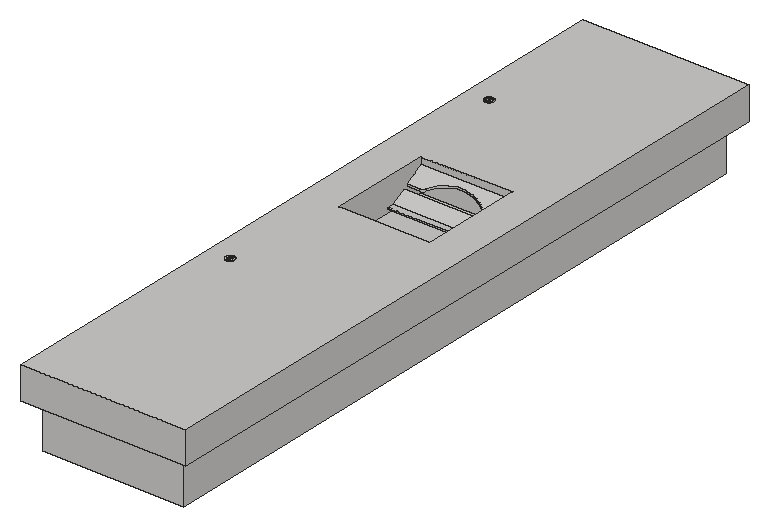
Revit family "Paper_Towel_Dispenser_Waste_Receptacle-Bobrick-TrimLineSeries-B-38032", category Specialty Equipment, host Face, Revit 2019
Family settings
  Host = Face
  Round Connector Dimension = Use Diameter
  Part Type = Normal
  OmniClass Number = 23.40.20.21.17
  OmniClass Title = Paper Towel Dispensers, Disposal Units
  Cut with Voids When Loaded = No
  Shared = Yes
  Room Calculation Point = No
Parameters (values of type "B-38032")
  Width = 13"
  Warranty Documentation Link = "https://www.bobrick.com/wp-content/uploads/product_warranties-6.pdf"
  URL = "http://www.bobrick.com/"
  Type Comments = ""
  Revised Date = "11/03/2020"  # constant formula
  Product Page URL = "https://www.bobrick.com/products/washroom-accessories/washroom-accessories-catalog/product/b-38032/"
  Product Documentation Link = "https://www.bobrick.com/wp-content/uploads/B-38032_td.pdf"
  Model = "B-38032"
  Material = "Stainless Steel-Bobrick-Satin"
  Manufacturer = "Bobrick"
  Length = 2 9/16"
  Height = 55 1/8"
  Finish = Stainless Steel-Bobrick-Satin
  Description = "TrimLineSeries Paper Towel Dispenser And Waste Receptacle"
  Default Elevation = 48"
  Creation Date = "04/17/2018"  # constant formula
  Assembly Code = "C1030200"
Reference planes (in)
  plane 1 "Center (Front/Back)": y = 0
  plane 2: z = 0
  plane 3 "Center (Left/Right)": x = 0
  plane 4: x = -6.5
  plane 5: y = 27.5625
  plane 6: y = -27.5625
  plane 7: x = 6.5
  plane 8: x = 5.53125
  plane 9: x = -5.53125
  plane 10: y = 26.59375
  plane 11: y = -26.59375
  plane 12: z = -3.625
  plane 13: z = 2.5625
  plane 14: y = 6.6875
  plane 15: x = -4.74887
  plane 16: y = -41.3125
  plane 17: y = 16.19479
  plane 18: y = -9.19479
Forms (in)
  Extrusion 1, solid, material "Stainless Steel-Bobrick-Satin" <- "Finish"
    sketch origin (0, 0, 0) x (1, 0, 0) y (0, 1, 0)
      loop
        line (-5.53125, 26.59375) -> (-5.53125, -26.59375) -> (5.53125, -26.59375) -> (5.53125, 26.59375) -> (-5.53125, 26.59375)
    from -3.625 to 0
  Extrusion 2, solid, material "Stainless Steel-Bobrick-Satin" <- "Finish"
    sketch origin (0, 0, 0) x (1, 0, 0) y (0, 1, 0)
      loop
        line (-6.5, 27.5625) -> (-6.5, -27.5625) -> (6.5, -27.5625) -> (6.5, 27.5625) -> (-6.5, 27.5625)
      loop
        line (-3.58641, 0) -> (3.58641, 0) -> (3.58641, 8.07155) -> (-3.58641, 8.07155) -> (-3.58641, 0)
    from 0 to 2.5625
  Extrusion 3, solid, material "Stainless Steel-Bobrick-Satin" <- "Finish"
    sketch origin (0, 0, 0) x (0, 1, 0) y (0, 0, 1)
      loop
        line (8.07155, 2.02646) -> (5.31939, 0.4375) -> (4.75, 0.4375) -> (4.75, 0.35217) -> (4.90252, 0.35217) -> (5.091, 0.16369) -> (8.07155, 1.88451) -> (8.07155, 2.02646)
    from -3.58641 to 3.58641
  Extrusion 4, void
    sketch origin (0, 0, 0) x (1, 0, 0) y (0, 1, 0)
      loop
        line (-3.58641, 6.34584) -> (3.58641, 6.34584) -> (3.58641, 6.6875) -> (2.64341, 6.6875)
        arc (2.64341, 6.6875) -> (2.43706, 6.724) -> (2.25575, 6.82907) r 0.60156
        arc (2.25575, 6.82907) -> (0.03836, 7.63874) -> (-2.17892, 6.82877) r 3.44051
        arc (-2.17892, 6.82877) -> (-2.3598, 6.72392) -> (-2.56568, 6.6875) r 0.60007
        line (-2.56568, 6.6875) -> (-3.58641, 6.6875) -> (-3.58641, 6.34584)
    from 0 to 2.07578
  Revolve 5, solid, material "Stainless Steel-Bobrick-Satin" <- "Finish"
    sketch origin (-4.74887, 28.88598, 48) x (0, 1, 0) y (0, 0, 1)
      loop
        line (-12.69118, -45.6875) -> (-12.69118, -45.4375) -> (-12.97118, -45.4375)
        arc (-12.97118, -45.4375) -> (-12.99344, -45.44672) -> (-13.00266, -45.46898) r 0.03148
        line (-13.00266, -45.46898) -> (-13.03414, -45.4375) -> (-13.03414, -45.6875) -> (-12.69118, -45.6875)
      axis (-12.69118, -45.6875) -> (-12.69118, -45.4375)
    angle from 0 to 360
  Revolve 6, solid, material "Stainless Steel-Bobrick-Satin" <- "Finish"
    sketch origin (-4.74887, 3.49639, 48) x (0, 1, 0) y (0, 0, 1)
      loop
        line (-12.69118, -45.6875) -> (-12.69118, -45.4375) -> (-12.97118, -45.4375)
        arc (-12.97118, -45.4375) -> (-12.99344, -45.44672) -> (-13.00266, -45.46898) r 0.03148
        line (-13.00266, -45.46898) -> (-13.03414, -45.4375) -> (-13.03414, -45.6875) -> (-12.69118, -45.6875)
      axis (-12.69118, -45.6875) -> (-12.69118, -45.4375)
    angle from 0 to 360
  Extrusion 7, void
    sketch origin (0, 0, 0) x (1, 0, 0) y (0, 1, 0)
      loop
        line (-4.70936, -8.99958) -> (-4.79136, -8.99958) -> (-4.79136, -9.119)
        arc (-4.79136, -9.119) -> (-4.87711, -9.23802) -> (-4.79136, -9.35704) r 0.12547
        line (-4.79136, -9.35704) -> (-4.79136, -9.38958) -> (-4.70936, -9.38958) -> (-4.70936, -9.35615)
        arc (-4.70936, -9.35615) -> (-4.62618, -9.23802) -> (-4.70936, -9.11989) r 0.12547
        line (-4.70936, -9.11989) -> (-4.70936, -8.99958)
      loop
        line (-4.76599, -9.03083) -> (-4.76599, -9.35833) -> (-4.73474, -9.35833) -> (-4.73474, -9.03083) -> (-4.76599, -9.03083)
    from 2.5044 to 2.65078
  Extrusion 8, void
    sketch origin (0, 25.38959, 0) x (1, 0, 0) y (0, 1, 0)
      loop
        line (-4.70936, -8.99958) -> (-4.79136, -8.99958) -> (-4.79136, -9.119)
        arc (-4.79136, -9.119) -> (-4.87711, -9.23802) -> (-4.79136, -9.35704) r 0.12547
        line (-4.79136, -9.35704) -> (-4.79136, -9.38958) -> (-4.70936, -9.38958) -> (-4.70936, -9.35615)
        arc (-4.70936, -9.35615) -> (-4.62618, -9.23802) -> (-4.70936, -9.11989) r 0.12547
        line (-4.70936, -9.11989) -> (-4.70936, -8.99958)
      loop
        line (-4.76599, -9.03083) -> (-4.76599, -9.35833) -> (-4.73474, -9.35833) -> (-4.73474, -9.03083) -> (-4.76599, -9.03083)
    from 2.5 to 2.67307
Cuts and joins
  Extrusion 4, Extrusion 8 cuts Extrusion 1
  Extrusion 4, Extrusion 7, Extrusion 8 cuts Extrusion 2
  Extrusion 4, Extrusion 8 cuts Extrusion 3
  joined: Extrusion 1, Extrusion 2, Extrusion 3
  Extrusion 7, Extrusion 8 cuts Revolve 6
  Extrusion 8 cuts Revolve 5
Lines and regions (in)
  Masking region 1
    outline origin (0, 0, 0) x (1, 0, 0) y (0, 0, 1)
      loop
        line (6.5, 2.5625) -> (-6.5, 2.5625) -> (-6.5, 0) -> (-5.53125, 0) -> (-5.53125, -3.625) -> (5.53125, -3.625) -> (5.53125, 0) -> (6.5, 0) -> (6.5, 2.5625)
  symbolic lines
    curve 1: line (5.53125, 0, 0) -> (-5.53125, 0, 0)
Dimensions and locks (in)
  equal spacing: plane 4, plane 3 "Center (Left/Right)", plane 7
  "Width": plane 4 to plane 7
  equal spacing: plane 5, plane 1 "Center (Front/Back)", plane 6
  "Height": plane 5 to plane 6
  equal spacing: plane 9, plane 3 "Center (Left/Right)", plane 8
  locked: plane 9 to plane 8 at 11.0625
  equal spacing: plane 10, plane 1 "Center (Front/Back)", plane 11
  locked: plane 11 to plane 10 at 53.1875
  locked: plane 12 to level at 3.625
  "Length": plane 13 to level
  equal spacing: Extrusion 2 sketch curve, plane 3 "Center (Left/Right)", Extrusion 2 sketch curve
  locked: Extrusion 2 sketch curve to Extrusion 2 sketch curve at 7.17282
  plane 14 to plane 1 "Center (Front/Back)" = 6 11/16"
  "Default Elevation": plane 14 to plane 16
  aligned and locked: plane 2 to host face
  aligned and locked: level to host face
  aligned and locked: plane 12 to Extrusion 1
  aligned and locked: level to Extrusion 1
  aligned and locked: plane 13 to Extrusion 2
  aligned and locked: plane 17 to Revolve 5 sketch curve
  aligned and locked: Revolve 5 sketch curve to plane 17
  aligned and locked: Revolve 5 sketch curve to cut or joined group of Extrusion 1, Extrusion 2, Extrusion 3, Extrusion 4, Extrusion 7, Extrusion 8
  aligned and locked: Masking region 1 sketch curve to cut or joined group of Extrusion 1, Extrusion 2, Extrusion 3, Extrusion 4, Extrusion 7, Extrusion 8  (x7)
  aligned and locked: cut or joined group of Extrusion 1, Extrusion 2, Extrusion 3, Extrusion 4, Extrusion 7, Extrusion 8 to Masking region 1 sketch curve
  aligned and locked: cut or joined group of Extrusion 1, Extrusion 2, Extrusion 3, Extrusion 4, Extrusion 7, Extrusion 8 to host face
Automatic sketch dimensions
  host sketch curve to host sketch curve = 96"  (x2)
  Extrusion 1 sketch curve to plane 9 = 0"
  Extrusion 1 sketch curve to plane 8 = 0"
  plane 11 to Extrusion 1 sketch curve = 0"
  Extrusion 1 sketch curve to plane 10 = 0"
  Extrusion 2 sketch curve to plane 4 = 0"
  Extrusion 2 sketch curve to plane 5 = 0"
  Extrusion 2 sketch curve to plane 7 = 0"
  plane 6 to Extrusion 2 sketch curve = 0"
  plane 1 "Center (Front/Back)" to Extrusion 2 sketch curve = 0"
  plane 14 to Extrusion 2 sketch curve = 1.38405"
  level to Extrusion 3 sketch curve = 0.35217"
  Extrusion 3 sketch curve to plane 14 = 1 15/16"
  Extrusion 3 sketch curve to Extrusion 3 sketch curve = 0.15252"
  level to Extrusion 3 sketch curve = 0.16369"
  Extrusion 3 sketch curve to Extrusion 3 sketch curve = 0.18848"
  level to Extrusion 3 sketch curve = 7/16"
  Extrusion 3 sketch curve to Extrusion 3 sketch curve = 0.22839"
  Extrusion 3 sketch curve to plane 13 = 0.53604"
  plane 14 to Extrusion 3 sketch curve = 1.38405"
  Extrusion 3 sketch curve to Extrusion 3 sketch curve = 0.14195"
  Extrusion 4 sketch curve to plane 14 = 0"  (x2)
  plane 15 to Extrusion 4 sketch curve = 1.16247"
  Extrusion 4 sketch curve to Extrusion 4 sketch curve = 1.02073"
  plane 3 "Center (Left/Right)" to Extrusion 4 sketch curve = 0.03859"
  plane 3 "Center (Left/Right)" to Extrusion 4 sketch curve = 2.64341"
  Extrusion 4 sketch curve to Extrusion 4 sketch curve = 0.943"
  Extrusion 4 sketch curve to plane 14 = 0.34166"
  Extrusion 4 sketch curve to plane 14 = 2.48927"
  Extrusion 4 sketch curve to Extrusion 4 sketch curve = 0.60007"
  Extrusion 4 sketch curve to Extrusion 4 sketch curve = 77/128"
  Extrusion 4 sketch curve to Extrusion 4 sketch curve = 0"
  Revolve 5 sketch curve to plane 13 = 0"  (x2)
  Revolve 5 sketch curve to plane 13 = 0.03148"
  plane 17 to Revolve 5 sketch curve = 0.28"
  Revolve 5 sketch curve to Revolve 5 sketch curve = 0.03148"
  Revolve 5 sketch curve to Revolve 5 sketch curve = 0.21852"
  plane 13 to Revolve 5 sketch curve = 0.11448"
  Revolve 6 sketch curve to plane 13 = 0"  (x3)
  Revolve 6 sketch curve to plane 18 = 0"  (x2)
  Revolve 6 sketch curve to plane 13 = 0.03148"
  plane 18 to Revolve 6 sketch curve = 0.28"
  Revolve 6 sketch curve to Revolve 6 sketch curve = 0.03148"
  Revolve 6 sketch curve to Revolve 6 sketch curve = 0.21852"
  plane 13 to Revolve 6 sketch curve = 0.11448"
  Extrusion 7 sketch curve to Extrusion 7 sketch curve = 0"  (x2)
  Extrusion 7 sketch curve to plane 15 = 0.04249"  (x2)
  Extrusion 7 sketch curve to plane 15 = 0.01711"
  Extrusion 7 sketch curve to plane 15 = 0.00277"
  plane 15 to Extrusion 7 sketch curve = 0.01414"
  plane 15 to Extrusion 7 sketch curve = 0.03951"  (x2)
  plane 18 to Extrusion 7 sketch curve = 0.19479"
  Extrusion 7 sketch curve to Extrusion 7 sketch curve = 1/32"  (x2)
  Extrusion 7 sketch curve to Extrusion 7 sketch curve = 0.0013"
  Extrusion 7 sketch curve to Extrusion 7 sketch curve = 0.00218"
  plane 18 to Extrusion 7 sketch curve = 0.04323"
  Extrusion 7 sketch curve to Extrusion 7 sketch curve = 0.08817"
  Extrusion 8 sketch curve to Extrusion 8 sketch curve = 0"  (x2)
  Extrusion 8 sketch curve to plane 15 = 0.04249"  (x2)
  Extrusion 8 sketch curve to plane 15 = 0.01711"
  Extrusion 8 sketch curve to plane 15 = 0.00277"
  plane 15 to Extrusion 8 sketch curve = 0.01414"
  plane 15 to Extrusion 8 sketch curve = 0.03951"  (x2)
  plane 17 to Extrusion 8 sketch curve = 0.19479"
  Extrusion 8 sketch curve to Extrusion 8 sketch curve = 1/32"  (x2)
  Extrusion 8 sketch curve to Extrusion 8 sketch curve = 0.0013"
  Extrusion 8 sketch curve to Extrusion 8 sketch curve = 0.00218"
  plane 17 to Extrusion 8 sketch curve = 0.04323"
  Extrusion 8 sketch curve to Extrusion 8 sketch curve = 0.08817"
  curve 1 to level = 0"
  plane 9 to curve 1 = 0"
  curve 1 to plane 8 = 0"
